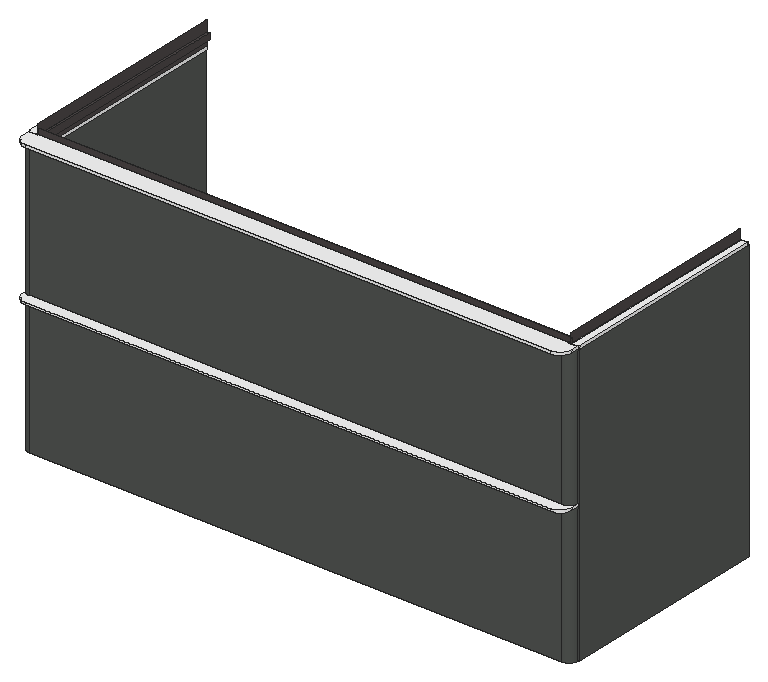
Revit family "vanity unit with 2 drawers", category Furniture, Revit 2019 (continued)
  Vanity unit 580_475 with 2 drawers for washbasin-54026000-Dark Walnut-CHROME-400 | "28.2" | no | no | no | no | no | no | no | no | no | no | no | no | no | no | no | no | no | no | no | no | no | no | no | no | no | no | no | no | no | no | no | no | no | no | no | no | no | no | no | no | no | no | no | no | no | no | no | no | no | no | no | no | yes | no | no | no | no | no | no | no | no | no | no | no | no | no | no | no | no | no | no | no | no | no | no | no | no | no | no | no | no | no | no | no | no | no | no | no | no | no | no | no | no | no | no | no | no | no | no | no | no | no | no | no | no | no | no | no | no | no | no | no | no | no | no | no | no | no | no | no | "CHROME" | "https://pro.hansgrohe.com/articledetail--54026000" | "54026XXX" | "Dark Walnut" | "Vanity unit 580/475 with 2 drawers for washbasin-54026000-Dark Walnut-CHROME-400" | "Xelu Q Vanity unit Dark Walnut 580/475 with 2 drawers for washbasin" | "Vanity unit 580/475 with 2 drawers for washbasin-54026000-Dark Walnut-CHROME-400" | "{$CADENAS_DATA/23d-libs/hansgrohe/xelu_furniture/vanity_unit_2_drawers_basin/vanity_unit_with_2_drawers_for_basin.prj},329 {VTYP=3D},{NB=Vanity unit 580/475 with 2 drawers for washbasin-54026000-Dark Walnut-CHROME-400},{LINA=Vanity unit 580/475 with 2 drawers for washbasin-54026000-Dark Walnut-CHROME-400},{NN=Vanity Unit with 2 Drawers},{DATE=10.03.2023 08:13:12},{GEOMDATE=08.03.2023 13:51:26},{VERSION=},{LINEID=240},{WBVAR=LODLEVEL},{WBNUMERIC=}  {NB=Vanity unit 580/475 with 2 drawers for washbasin-54026000-Dark Walnut-CHROME-400},{LINA=Vanity unit 580/475 with 2 drawers for washbasin-54026000-Dark Walnut-CHROME-400},{KT=DUMMY},{IDNR=24},{ARTNR=54026000},{BASENUMBER=Vanity unit 580/475 with 2 drawers for washbasin},{MODEL=54026XXX},{OBERFLAECHE=Dark Walnut},{SURFACE=CHROME},{L=580},{LODLEVEL=400},{LODLEVELX='400','400','200','200'},{NAME=Xelu Q Vanity unit Dark Walnut 580/475 with 2 drawers for washbasin},{PERMALINK=54026XXX},{OBJECTTYPE=Object (single object)},{BIMOBJECT=Sanitary: Compound units},{PRODUCTFAMILY=Xelu Q},{PRODUCTGROUP=vanity unit},{WEIGHT=28.2},{DESCRIPTION=Xelu Q Vanity unit Dark Walnut 580/475 with 2 drawers for washbasin},{SPECIFICATION=},{PRODUCTURL=https://pro.hansgrohe.com/articledetail--54026000},{GTINCODE=4059625455579},{TENDERURL=},{IFC=Furnishing element},{ETIM=EC011381 | Bathroom furniture set},{UNICLASS2015=Pr_40_30_78_05 | Bathroom furniture},{OMNICLASS=23-21 19 15 33 13 | Residential Bathroom Specialty Casework},{MASTERFORMAT=12 35 30.23 | Bathroom Casework},{UNSPSC=56 | Furniture and Furnishings},{UNIFORMATII=E2010 | Fixed Furnishings},{REGIONSET=Worldwide},{DESIGN=Germany},{MANUFACTURER=Germany}" | "400" | "Vanity unit 580/475 with 2 drawers for washbasin-54026000-Dark Walnut-CHROME-400" | 580 | "4059625455579" | "Vanity unit 580/475 with 2 drawers for washbasin" | "54026000"
  Vanity unit 580_475 with 2 drawers for washbasin-54026670-Dark Walnut-MATT_BLACK-200 | "28.2" | no | no | no | no | no | no | no | no | no | no | no | no | no | no | no | no | no | no | no | no | no | no | no | no | no | no | no | no | no | no | no | no | no | no | no | no | no | no | no | no | no | no | no | no | no | no | no | no | no | no | no | yes | no | no | no | no | no | no | no | no | no | no | no | no | no | no | no | no | no | no | no | no | no | no | no | no | no | no | no | no | no | no | no | no | no | no | no | no | no | no | no | no | no | no | no | no | no | no | no | no | no | no | no | no | no | no | no | no | no | no | no | no | no | no | no | no | no | no | no | no | "MATT_BLACK" | "https://pro.hansgrohe.com/articledetail--54026000" | "54026XXX" | "Dark Walnut" | "Vanity unit 580/475 with 2 drawers for washbasin-54026670-Dark Walnut-MATT_BLACK-200" | "Xelu Q Vanity unit Dark Walnut 580/475 with 2 drawers for washbasin" | "Vanity unit 580/475 with 2 drawers for washbasin-54026670-Dark Walnut-MATT_BLACK-200" | "{$CADENAS_DATA/23d-libs/hansgrohe/xelu_furniture/vanity_unit_2_drawers_basin/vanity_unit_with_2_drawers_for_basin.prj},337 {VTYP=3D},{NB=Vanity unit 580/475 with 2 drawers for washbasin-54026670-Dark Walnut-MATT_BLACK-200},{LINA=Vanity unit 580/475 with 2 drawers for washbasin-54026670-Dark Walnut-MATT_BLACK-200},{NN=Vanity Unit with 2 Drawers},{DATE=10.03.2023 08:13:12},{GEOMDATE=08.03.2023 13:51:26},{VERSION=},{LINEID=230},{WBVAR=LODLEVEL},{WBNUMERIC=}  {NB=Vanity unit 580/475 with 2 drawers for washbasin-54026670-Dark Walnut-MATT_BLACK-200},{LINA=Vanity unit 580/475 with 2 drawers for washbasin-54026670-Dark Walnut-MATT_BLACK-200},{KT=DUMMY},{IDNR=23},{ARTNR=54026670},{BASENUMBER=Vanity unit 580/475 with 2 drawers for washbasin},{MODEL=54026XXX},{OBERFLAECHE=Dark Walnut},{SURFACE=MATT_BLACK},{L=580},{LODLEVEL=200},{LODLEVELX='400','400','200','200'},{NAME=Xelu Q Vanity unit Dark Walnut 580/475 with 2 drawers for washbasin},{PERMALINK=54026XXX},{OBJECTTYPE=Object (single object)},{BIMOBJECT=Sanitary: Compound units},{PRODUCTFAMILY=Xelu Q},{PRODUCTGROUP=vanity unit},{WEIGHT=28.2},{DESCRIPTION=Xelu Q Vanity unit Dark Walnut 580/475 with 2 drawers for washbasin},{SPECIFICATION=},{PRODUCTURL=https://pro.hansgrohe.com/articledetail--54026000},{GTINCODE=4059625455579},{TENDERURL=},{IFC=Furnishing element},{ETIM=EC011381 | Bathroom furniture set},{UNICLASS2015=Pr_40_30_78_05 | Bathroom furniture},{OMNICLASS=23-21 19 15 33 13 | Residential Bathroom Specialty Casework},{MASTERFORMAT=12 35 30.23 | Bathroom Casework},{UNSPSC=56 | Furniture and Furnishings},{UNIFORMATII=E2010 | Fixed Furnishings},{REGIONSET=Worldwide},{DESIGN=Germany},{MANUFACTURER=Germany}" | "200" | "Vanity unit 580/475 with 2 drawers for washbasin-54026670-Dark Walnut-MATT_BLACK-200" | 580 | "4059625455579" | "Vanity unit 580/475 with 2 drawers for washbasin" | "54026670"
  Vanity unit 580_475 with 2 drawers for washbasin-54026670-Dark Walnut-MATT_BLACK-400 | "28.2" | no | no | no | no | no | no | no | no | no | no | no | no | no | no | no | no | no | no | no | no | no | no | no | no | no | no | no | no | no | no | no | no | no | no | no | no | no | no | no | no | no | no | no | no | no | no | no | no | no | no | yes | no | no | no | no | no | no | no | no | no | no | no | no | no | no | no | no | no | no | no | no | no | no | no | no | no | no | no | no | no | no | no | no | no | no | no | no | no | no | no | no | no | no | no | no | no | no | no | no | no | no | no | no | no | no | no | no | no | no | no | no | no | no | no | no | no | no | no | no | no | "MATT_BLACK" | "https://pro.hansgrohe.com/articledetail--54026000" | "54026XXX" | "Dark Walnut" | "Vanity unit 580/475 with 2 drawers for washbasin-54026670-Dark Walnut-MATT_BLACK-400" | "Xelu Q Vanity unit Dark Walnut 580/475 with 2 drawers for washbasin" | "Vanity unit 580/475 with 2 drawers for washbasin-54026670-Dark Walnut-MATT_BLACK-400" | "{$CADENAS_DATA/23d-libs/hansgrohe/xelu_furniture/vanity_unit_2_drawers_basin/vanity_unit_with_2_drawers_for_basin.prj},337 {VTYP=3D},{NB=Vanity unit 580/475 with 2 drawers for washbasin-54026670-Dark Walnut-MATT_BLACK-400},{LINA=Vanity unit 580/475 with 2 drawers for washbasin-54026670-Dark Walnut-MATT_BLACK-400},{NN=Vanity Unit with 2 Drawers},{DATE=10.03.2023 08:13:12},{GEOMDATE=08.03.2023 13:51:26},{VERSION=},{LINEID=230},{WBVAR=LODLEVEL},{WBNUMERIC=}  {NB=Vanity unit 580/475 with 2 drawers for washbasin-54026670-Dark Walnut-MATT_BLACK-400},{LINA=Vanity unit 580/475 with 2 drawers for washbasin-54026670-Dark Walnut-MATT_BLACK-400},{KT=DUMMY},{IDNR=23},{ARTNR=54026670},{BASENUMBER=Vanity unit 580/475 with 2 drawers for washbasin},{MODEL=54026XXX},{OBERFLAECHE=Dark Walnut},{SURFACE=MATT_BLACK},{L=580},{LODLEVEL=400},{LODLEVELX='400','400','200','200'},{NAME=Xelu Q Vanity unit Dark Walnut 580/475 with 2 drawers for washbasin},{PERMALINK=54026XXX},{OBJECTTYPE=Object (single object)},{BIMOBJECT=Sanitary: Compound units},{PRODUCTFAMILY=Xelu Q},{PRODUCTGROUP=vanity unit},{WEIGHT=28.2},{DESCRIPTION=Xelu Q Vanity unit Dark Walnut 580/475 with 2 drawers for washbasin},{SPECIFICATION=},{PRODUCTURL=https://pro.hansgrohe.com/articledetail--54026000},{GTINCODE=4059625455579},{TENDERURL=},{IFC=Furnishing element},{ETIM=EC011381 | Bathroom furniture set},{UNICLASS2015=Pr_40_30_78_05 | Bathroom furniture},{OMNICLASS=23-21 19 15 33 13 | Residential Bathroom Specialty Casework},{MASTERFORMAT=12 35 30.23 | Bathroom Casework},{UNSPSC=56 | Furniture and Furnishings},{UNIFORMATII=E2010 | Fixed Furnishings},{REGIONSET=Worldwide},{DESIGN=Germany},{MANUFACTURER=Germany}" | "400" | "Vanity unit 580/475 with 2 drawers for washbasin-54026670-Dark Walnut-MATT_BLACK-400" | 580 | "4059625455579" | "Vanity unit 580/475 with 2 drawers for washbasin" | "54026670"
  Vanity unit 580_475 with 2 drawers for washbasin-54026700-Dark Walnut-MATT_WHITE-200 | "28.2" | no | no | no | no | no | no | no | no | no | no | no | no | no | no | no | no | no | no | no | no | no | no | no | no | no | no | no | no | no | no | no | no | no | no | no | no | no | no | no | no | no | no | no | no | no | no | no | no | no | yes | no | no | no | no | no | no | no | no | no | no | no | no | no | no | no | no | no | no | no | no | no | no | no | no | no | no | no | no | no | no | no | no | no | no | no | no | no | no | no | no | no | no | no | no | no | no | no | no | no | no | no | no | no | no | no | no | no | no | no | no | no | no | no | no | no | no | no | no | no | no | "MATT_WHITE" | "https://pro.hansgrohe.com/articledetail--54026000" | "54026XXX" | "Dark Walnut" | "Vanity unit 580/475 with 2 drawers for washbasin-54026700-Dark Walnut-MATT_WHITE-200" | "Xelu Q Vanity unit Dark Walnut 580/475 with 2 drawers for washbasin" | "Vanity unit 580/475 with 2 drawers for washbasin-54026700-Dark Walnut-MATT_WHITE-200" | "{$CADENAS_DATA/23d-libs/hansgrohe/xelu_furniture/vanity_unit_2_drawers_basin/vanity_unit_with_2_drawers_for_basin.prj},337 {VTYP=3D},{NB=Vanity unit 580/475 with 2 drawers for washbasin-54026700-Dark Walnut-MATT_WHITE-200},{LINA=Vanity unit 580/475 with 2 drawers for washbasin-54026700-Dark Walnut-MATT_WHITE-200},{NN=Vanity Unit with 2 Drawers},{DATE=10.03.2023 08:13:12},{GEOMDATE=08.03.2023 13:51:26},{VERSION=},{LINEID=220},{WBVAR=LODLEVEL},{WBNUMERIC=}  {NB=Vanity unit 580/475 with 2 drawers for washbasin-54026700-Dark Walnut-MATT_WHITE-200},{LINA=Vanity unit 580/475 with 2 drawers for washbasin-54026700-Dark Walnut-MATT_WHITE-200},{KT=DUMMY},{IDNR=22},{ARTNR=54026700},{BASENUMBER=Vanity unit 580/475 with 2 drawers for washbasin},{MODEL=54026XXX},{OBERFLAECHE=Dark Walnut},{SURFACE=MATT_WHITE},{L=580},{LODLEVEL=200},{LODLEVELX='400','400','200','200'},{NAME=Xelu Q Vanity unit Dark Walnut 580/475 with 2 drawers for washbasin},{PERMALINK=54026XXX},{OBJECTTYPE=Object (single object)},{BIMOBJECT=Sanitary: Compound units},{PRODUCTFAMILY=Xelu Q},{PRODUCTGROUP=vanity unit},{WEIGHT=28.2},{DESCRIPTION=Xelu Q Vanity unit Dark Walnut 580/475 with 2 drawers for washbasin},{SPECIFICATION=},{PRODUCTURL=https://pro.hansgrohe.com/articledetail--54026000},{GTINCODE=4059625455579},{TENDERURL=},{IFC=Furnishing element},{ETIM=EC011381 | Bathroom furniture set},{UNICLASS2015=Pr_40_30_78_05 | Bathroom furniture},{OMNICLASS=23-21 19 15 33 13 | Residential Bathroom Specialty Casework},{MASTERFORMAT=12 35 30.23 | Bathroom Casework},{UNSPSC=56 | Furniture and Furnishings},{UNIFORMATII=E2010 | Fixed Furnishings},{REGIONSET=Worldwide},{DESIGN=Germany},{MANUFACTURER=Germany}" | "200" | "Vanity unit 580/475 with 2 drawers for washbasin-54026700-Dark Walnut-MATT_WHITE-200" | 580 | "4059625455579" | "Vanity unit 580/475 with 2 drawers for washbasin" | "54026700"
  Vanity unit 580_475 with 2 drawers for washbasin-54026700-Dark Walnut-MATT_WHITE-400 | "28.2" | no | no | no | no | no | no | no | no | no | no | no | no | no | no | no | no | no | no | no | no | no | no | no | no | no | no | no | no | no | no | no | no | no | no | no | no | no | no | no | no | no | no | no | no | no | no | no | no | yes | no | no | no | no | no | no | no | no | no | no | no | no | no | no | no | no | no | no | no | no | no | no | no | no | no | no | no | no | no | no | no | no | no | no | no | no | no | no | no | no | no | no | no | no | no | no | no | no | no | no | no | no | no | no | no | no | no | no | no | no | no | no | no | no | no | no | no | no | no | no | no | "MATT_WHITE" | "https://pro.hansgrohe.com/articledetail--54026000" | "54026XXX" | "Dark Walnut" | "Vanity unit 580/475 with 2 drawers for washbasin-54026700-Dark Walnut-MATT_WHITE-400" | "Xelu Q Vanity unit Dark Walnut 580/475 with 2 drawers for washbasin" | "Vanity unit 580/475 with 2 drawers for washbasin-54026700-Dark Walnut-MATT_WHITE-400" | "{$CADENAS_DATA/23d-libs/hansgrohe/xelu_furniture/vanity_unit_2_drawers_basin/vanity_unit_with_2_drawers_for_basin.prj},337 {VTYP=3D},{NB=Vanity unit 580/475 with 2 drawers for washbasin-54026700-Dark Walnut-MATT_WHITE-400},{LINA=Vanity unit 580/475 with 2 drawers for washbasin-54026700-Dark Walnut-MATT_WHITE-400},{NN=Vanity Unit with 2 Drawers},{DATE=10.03.2023 08:13:12},{GEOMDATE=08.03.2023 13:51:26},{VERSION=},{LINEID=220},{WBVAR=LODLEVEL},{WBNUMERIC=}  {NB=Vanity unit 580/475 with 2 drawers for washbasin-54026700-Dark Walnut-MATT_WHITE-400},{LINA=Vanity unit 580/475 with 2 drawers for washbasin-54026700-Dark Walnut-MATT_WHITE-400},{KT=DUMMY},{IDNR=22},{ARTNR=54026700},{BASENUMBER=Vanity unit 580/475 with 2 drawers for washbasin},{MODEL=54026XXX},{OBERFLAECHE=Dark Walnut},{SURFACE=MATT_WHITE},{L=580},{LODLEVEL=400},{LODLEVELX='400','400','200','200'},{NAME=Xelu Q Vanity unit Dark Walnut 580/475 with 2 drawers for washbasin},{PERMALINK=54026XXX},{OBJECTTYPE=Object (single object)},{BIMOBJECT=Sanitary: Compound units},{PRODUCTFAMILY=Xelu Q},{PRODUCTGROUP=vanity unit},{WEIGHT=28.2},{DESCRIPTION=Xelu Q Vanity unit Dark Walnut 580/475 with 2 drawers for washbasin},{SPECIFICATION=},{PRODUCTURL=https://pro.hansgrohe.com/articledetail--54026000},{GTINCODE=4059625455579},{TENDERURL=},{IFC=Furnishing element},{ETIM=EC011381 | Bathroom furniture set},{UNICLASS2015=Pr_40_30_78_05 | Bathroom furniture},{OMNICLASS=23-21 19 15 33 13 | Residential Bathroom Specialty Casework},{MASTERFORMAT=12 35 30.23 | Bathroom Casework},{UNSPSC=56 | Furniture and Furnishings},{UNIFORMATII=E2010 | Fixed Furnishings},{REGIONSET=Worldwide},{DESIGN=Germany},{MANUFACTURER=Germany}" | "400" | "Vanity unit 580/475 with 2 drawers for washbasin-54026700-Dark Walnut-MATT_WHITE-400" | 580 | "4059625455579" | "Vanity unit 580/475 with 2 drawers for washbasin" | "54026700"
  Vanity unit 780_475 with 2 drawers for washbasin-54027000-High Gloss White-CHROME-200 | "33.3" | no | no | no | no | no | no | no | no | no | no | no | no | no | no | no | no | no | no | no | no | no | no | no | no | no | no | no | no | no | no | no | no | no | no | no | no | no | no | no | no | no | no | no | no | no | no | no | yes | no | no | no | no | no | no | no | no | no | no | no | no | no | no | no | no | no | no | no | no | no | no | no | no | no | no | no | no | no | no | no | no | no | no | no | no | no | no | no | no | no | no | no | no | no | no | no | no | no | no | no | no | no | no | no | no | no | no | no | no | no | no | no | no | no | no | no | no | no | no | no | no | "CHROME" | "https://pro.hansgrohe.com/articledetail--54027000" | "54027XXX" | "High Gloss White" | "Vanity unit 780/475 with 2 drawers for washbasin-54027000-High Gloss White-CHROME-200" | "Xelu Q Vanity unit High Gloss White 780/475 with 2 drawers for washbasin" | "Vanity unit 780/475 with 2 drawers for washbasin-54027000-High Gloss White-CHROME-200" | "{$CADENAS_DATA/23d-libs/hansgrohe/xelu_furniture/vanity_unit_2_drawers_basin/vanity_unit_with_2_drawers_for_basin.prj},339 {VTYP=3D},{NB=Vanity unit 780/475 with 2 drawers for washbasin-54027000-High Gloss White-CHROME-200},{LINA=Vanity unit 780/475 with 2 drawers for washbasin-54027000-High Gloss White-CHROME-200},{NN=Vanity Unit with 2 Drawers},{DATE=10.03.2023 08:13:12},{GEOMDATE=08.03.2023 13:51:26},{VERSION=},{LINEID=250},{WBVAR=LODLEVEL},{WBNUMERIC=}  {NB=Vanity unit 780/475 with 2 drawers for washbasin-54027000-High Gloss White-CHROME-200},{LINA=Vanity unit 780/475 with 2 drawers for washbasin-54027000-High Gloss White-CHROME-200},{KT=DUMMY},{IDNR=25},{ARTNR=54027000},{BASENUMBER=Vanity unit 780/475 with 2 drawers for washbasin},{MODEL=54027XXX},{OBERFLAECHE=High Gloss White},{SURFACE=CHROME},{L=780},{LODLEVEL=200},{LODLEVELX='400','400','200','200'},{NAME=Xelu Q Vanity unit High Gloss White 780/475 with 2 drawers for washbasin},{PERMALINK=54027XXX},{OBJECTTYPE=Object (single object)},{BIMOBJECT=Sanitary: Compound units},{PRODUCTFAMILY=Xelu Q},{PRODUCTGROUP=vanity unit},{WEIGHT=33.3},{DESCRIPTION=Xelu Q Vanity unit High Gloss White 780/475 with 2 drawers for washbasin},{SPECIFICATION=},{PRODUCTURL=https://pro.hansgrohe.com/articledetail--54027000},{GTINCODE=4059625455548},{TENDERURL=},{IFC=Furnishing element},{ETIM=EC011381 | Bathroom furniture set},{UNICLASS2015=Pr_40_30_78_05 | Bathroom furniture},{OMNICLASS=23-21 19 15 33 13 | Residential Bathroom Specialty Casework},{MASTERFORMAT=12 35 30.23 | Bathroom Casework},{UNSPSC=56 | Furniture and Furnishings},{UNIFORMATII=E2010 | Fixed Furnishings},{REGIONSET=Worldwide},{DESIGN=Germany},{MANUFACTURER=Germany}" | "200" | "Vanity unit 780/475 with 2 drawers for washbasin-54027000-High Gloss White-CHROME-200" | 780 | "4059625455548" | "Vanity unit 780/475 with 2 drawers for washbasin" | "54027000"
  Vanity unit 780_475 with 2 drawers for washbasin-54027000-High Gloss White-CHROME-400 | "33.3" | no | no | no | no | no | no | no | no | no | no | no | no | no | no | no | no | no | no | no | no | no | no | no | no | no | no | no | no | no | no | no | no | no | no | no | no | no | no | no | no | no | no | no | no | no | no | yes | no | no | no | no | no | no | no | no | no | no | no | no | no | no | no | no | no | no | no | no | no | no | no | no | no | no | no | no | no | no | no | no | no | no | no | no | no | no | no | no | no | no | no | no | no | no | no | no | no | no | no | no | no | no | no | no | no | no | no | no | no | no | no | no | no | no | no | no | no | no | no | no | no | "CHROME" | "https://pro.hansgrohe.com/articledetail--54027000" | "54027XXX" | "High Gloss White" | "Vanity unit 780/475 with 2 drawers for washbasin-54027000-High Gloss White-CHROME-400" | "Xelu Q Vanity unit High Gloss White 780/475 with 2 drawers for washbasin" | "Vanity unit 780/475 with 2 drawers for washbasin-54027000-High Gloss White-CHROME-400" | "{$CADENAS_DATA/23d-libs/hansgrohe/xelu_furniture/vanity_unit_2_drawers_basin/vanity_unit_with_2_drawers_for_basin.prj},339 {VTYP=3D},{NB=Vanity unit 780/475 with 2 drawers for washbasin-54027000-High Gloss White-CHROME-400},{LINA=Vanity unit 780/475 with 2 drawers for washbasin-54027000-High Gloss White-CHROME-400},{NN=Vanity Unit with 2 Drawers},{DATE=10.03.2023 08:13:12},{GEOMDATE=08.03.2023 13:51:26},{VERSION=},{LINEID=250},{WBVAR=LODLEVEL},{WBNUMERIC=}  {NB=Vanity unit 780/475 with 2 drawers for washbasin-54027000-High Gloss White-CHROME-400},{LINA=Vanity unit 780/475 with 2 drawers for washbasin-54027000-High Gloss White-CHROME-400},{KT=DUMMY},{IDNR=25},{ARTNR=54027000},{BASENUMBER=Vanity unit 780/475 with 2 drawers for washbasin},{MODEL=54027XXX},{OBERFLAECHE=High Gloss White},{SURFACE=CHROME},{L=780},{LODLEVEL=400},{LODLEVELX='400','400','200','200'},{NAME=Xelu Q Vanity unit High Gloss White 780/475 with 2 drawers for washbasin},{PERMALINK=54027XXX},{OBJECTTYPE=Object (single object)},{BIMOBJECT=Sanitary: Compound units},{PRODUCTFAMILY=Xelu Q},{PRODUCTGROUP=vanity unit},{WEIGHT=33.3},{DESCRIPTION=Xelu Q Vanity unit High Gloss White 780/475 with 2 drawers for washbasin},{SPECIFICATION=},{PRODUCTURL=https://pro.hansgrohe.com/articledetail--54027000},{GTINCODE=4059625455548},{TENDERURL=},{IFC=Furnishing element},{ETIM=EC011381 | Bathroom furniture set},{UNICLASS2015=Pr_40_30_78_05 | Bathroom furniture},{OMNICLASS=23-21 19 15 33 13 | Residential Bathroom Specialty Casework},{MASTERFORMAT=12 35 30.23 | Bathroom Casework},{UNSPSC=56 | Furniture and Furnishings},{UNIFORMATII=E2010 | Fixed Furnishings},{REGIONSET=Worldwide},{DESIGN=Germany},{MANUFACTURER=Germany}" | "400" | "Vanity unit 780/475 with 2 drawers for washbasin-54027000-High Gloss White-CHROME-400" | 780 | "4059625455548" | "Vanity unit 780/475 with 2 drawers for washbasin" | "54027000"
  Vanity unit 780_475 with 2 drawers for washbasin-54027670-High Gloss White-MATT_BLACK-200 | "33.3" | no | no | no | no | no | no | no | no | no | no | no | no | no | no | no | no | no | no | no | no | no | no | no | no | no | no | no | no | no | no | no | no | no | no | no | no | no | no | no | no | no | no | no | no | no | yes | no | no | no | no | no | no | no | no | no | no | no | no | no | no | no | no | no | no | no | no | no | no | no | no | no | no | no | no | no | no | no | no | no | no | no | no | no | no | no | no | no | no | no | no | no | no | no | no | no | no | no | no | no | no | no | no | no | no | no | no | no | no | no | no | no | no | no | no | no | no | no | no | no | no | "MATT_BLACK" | "https://pro.hansgrohe.com/articledetail--54027000" | "54027XXX" | "High Gloss White" | "Vanity unit 780/475 with 2 drawers for washbasin-54027670-High Gloss White-MATT_BLACK-200" | "Xelu Q Vanity unit High Gloss White 780/475 with 2 drawers for washbasin" | "Vanity unit 780/475 with 2 drawers for washbasin-54027670-High Gloss White-MATT_BLACK-200" | "{$CADENAS_DATA/23d-libs/hansgrohe/xelu_furniture/vanity_unit_2_drawers_basin/vanity_unit_with_2_drawers_for_basin.prj},347 {VTYP=3D},{NB=Vanity unit 780/475 with 2 drawers for washbasin-54027670-High Gloss White-MATT_BLACK-200},{LINA=Vanity unit 780/475 with 2 drawers for washbasin-54027670-High Gloss White-MATT_BLACK-200},{NN=Vanity Unit with 2 Drawers},{DATE=10.03.2023 08:13:12},{GEOMDATE=08.03.2023 13:51:26},{VERSION=},{LINEID=270},{WBVAR=LODLEVEL},{WBNUMERIC=}  {NB=Vanity unit 780/475 with 2 drawers for washbasin-54027670-High Gloss White-MATT_BLACK-200},{LINA=Vanity unit 780/475 with 2 drawers for washbasin-54027670-High Gloss White-MATT_BLACK-200},{KT=DUMMY},{IDNR=27},{ARTNR=54027670},{BASENUMBER=Vanity unit 780/475 with 2 drawers for washbasin},{MODEL=54027XXX},{OBERFLAECHE=High Gloss White},{SURFACE=MATT_BLACK},{L=780},{LODLEVEL=200},{LODLEVELX='400','400','200','200'},{NAME=Xelu Q Vanity unit High Gloss White 780/475 with 2 drawers for washbasin},{PERMALINK=54027XXX},{OBJECTTYPE=Object (single object)},{BIMOBJECT=Sanitary: Compound units},{PRODUCTFAMILY=Xelu Q},{PRODUCTGROUP=vanity unit},{WEIGHT=33.3},{DESCRIPTION=Xelu Q Vanity unit High Gloss White 780/475 with 2 drawers for washbasin},{SPECIFICATION=},{PRODUCTURL=https://pro.hansgrohe.com/articledetail--54027000},{GTINCODE=4059625455548},{TENDERURL=},{IFC=Furnishing element},{ETIM=EC011381 | Bathroom furniture set},{UNICLASS2015=Pr_40_30_78_05 | Bathroom furniture},{OMNICLASS=23-21 19 15 33 13 | Residential Bathroom Specialty Casework},{MASTERFORMAT=12 35 30.23 | Bathroom Casework},{UNSPSC=56 | Furniture and Furnishings},{UNIFORMATII=E2010 | Fixed Furnishings},{REGIONSET=Worldwide},{DESIGN=Germany},{MANUFACTURER=Germany}" | "200" | "Vanity unit 780/475 with 2 drawers for washbasin-54027670-High Gloss White-MATT_BLACK-200" | 780 | "4059625455548" | "Vanity unit 780/475 with 2 drawers for washbasin" | "54027670"
  Vanity unit 780_475 with 2 drawers for washbasin-54027670-High Gloss White-MATT_BLACK-400 | "33.3" | no | no | no | no | no | no | no | no | no | no | no | no | no | no | no | no | no | no | no | no | no | no | no | no | no | no | no | no | no | no | no | no | no | no | no | no | no | no | no | no | no | no | no | no | yes | no | no | no | no | no | no | no | no | no | no | no | no | no | no | no | no | no | no | no | no | no | no | no | no | no | no | no | no | no | no | no | no | no | no | no | no | no | no | no | no | no | no | no | no | no | no | no | no | no | no | no | no | no | no | no | no | no | no | no | no | no | no | no | no | no | no | no | no | no | no | no | no | no | no | no | "MATT_BLACK" | "https://pro.hansgrohe.com/articledetail--54027000" | "54027XXX" | "High Gloss White" | "Vanity unit 780/475 with 2 drawers for washbasin-54027670-High Gloss White-MATT_BLACK-400" | "Xelu Q Vanity unit High Gloss White 780/475 with 2 drawers for washbasin" | "Vanity unit 780/475 with 2 drawers for washbasin-54027670-High Gloss White-MATT_BLACK-400" | "{$CADENAS_DATA/23d-libs/hansgrohe/xelu_furniture/vanity_unit_2_drawers_basin/vanity_unit_with_2_drawers_for_basin.prj},347 {VTYP=3D},{NB=Vanity unit 780/475 with 2 drawers for washbasin-54027670-High Gloss White-MATT_BLACK-400},{LINA=Vanity unit 780/475 with 2 drawers for washbasin-54027670-High Gloss White-MATT_BLACK-400},{NN=Vanity Unit with 2 Drawers},{DATE=10.03.2023 08:13:12},{GEOMDATE=08.03.2023 13:51:26},{VERSION=},{LINEID=270},{WBVAR=LODLEVEL},{WBNUMERIC=}  {NB=Vanity unit 780/475 with 2 drawers for washbasin-54027670-High Gloss White-MATT_BLACK-400},{LINA=Vanity unit 780/475 with 2 drawers for washbasin-54027670-High Gloss White-MATT_BLACK-400},{KT=DUMMY},{IDNR=27},{ARTNR=54027670},{BASENUMBER=Vanity unit 780/475 with 2 drawers for washbasin},{MODEL=54027XXX},{OBERFLAECHE=High Gloss White},{SURFACE=MATT_BLACK},{L=780},{LODLEVEL=400},{LODLEVELX='400','400','200','200'},{NAME=Xelu Q Vanity unit High Gloss White 780/475 with 2 drawers for washbasin},{PERMALINK=54027XXX},{OBJECTTYPE=Object (single object)},{BIMOBJECT=Sanitary: Compound units},{PRODUCTFAMILY=Xelu Q},{PRODUCTGROUP=vanity unit},{WEIGHT=33.3},{DESCRIPTION=Xelu Q Vanity unit High Gloss White 780/475 with 2 drawers for washbasin},{SPECIFICATION=},{PRODUCTURL=https://pro.hansgrohe.com/articledetail--54027000},{GTINCODE=4059625455548},{TENDERURL=},{IFC=Furnishing element},{ETIM=EC011381 | Bathroom furniture set},{UNICLASS2015=Pr_40_30_78_05 | Bathroom furniture},{OMNICLASS=23-21 19 15 33 13 | Residential Bathroom Specialty Casework},{MASTERFORMAT=12 35 30.23 | Bathroom Casework},{UNSPSC=56 | Furniture and Furnishings},{UNIFORMATII=E2010 | Fixed Furnishings},{REGIONSET=Worldwide},{DESIGN=Germany},{MANUFACTURER=Germany}" | "400" | "Vanity unit 780/475 with 2 drawers for washbasin-54027670-High Gloss White-MATT_BLACK-400" | 780 | "4059625455548" | "Vanity unit 780/475 with 2 drawers for washbasin" | "54027670"
  Vanity unit 780_475 with 2 drawers for washbasin-54027700-High Gloss White-MATT_WHITE-200 | "33.3" | no | no | no | no | no | no | no | no | no | no | no | no | no | no | no | no | no | no | no | no | no | no | no | no | no | no | no | no | no | no | no | no | no | no | no | no | no | no | no | no | no | no | no | yes | no | no | no | no | no | no | no | no | no | no | no | no | no | no | no | no | no | no | no | no | no | no | no | no | no | no | no | no | no | no | no | no | no | no | no | no | no | no | no | no | no | no | no | no | no | no | no | no | no | no | no | no | no | no | no | no | no | no | no | no | no | no | no | no | no | no | no | no | no | no | no | no | no | no | no | no | "MATT_WHITE" | "https://pro.hansgrohe.com/articledetail--54027000" | "54027XXX" | "High Gloss White" | "Vanity unit 780/475 with 2 drawers for washbasin-54027700-High Gloss White-MATT_WHITE-200" | "Xelu Q Vanity unit High Gloss White 780/475 with 2 drawers for washbasin" | "Vanity unit 780/475 with 2 drawers for washbasin-54027700-High Gloss White-MATT_WHITE-200" | "{$CADENAS_DATA/23d-libs/hansgrohe/xelu_furniture/vanity_unit_2_drawers_basin/vanity_unit_with_2_drawers_for_basin.prj},347 {VTYP=3D},{NB=Vanity unit 780/475 with 2 drawers for washbasin-54027700-High Gloss White-MATT_WHITE-200},{LINA=Vanity unit 780/475 with 2 drawers for washbasin-54027700-High Gloss White-MATT_WHITE-200},{NN=Vanity Unit with 2 Drawers},{DATE=10.03.2023 08:13:12},{GEOMDATE=08.03.2023 13:51:26},{VERSION=},{LINEID=260},{WBVAR=LODLEVEL},{WBNUMERIC=}  {NB=Vanity unit 780/475 with 2 drawers for washbasin-54027700-High Gloss White-MATT_WHITE-200},{LINA=Vanity unit 780/475 with 2 drawers for washbasin-54027700-High Gloss White-MATT_WHITE-200},{KT=DUMMY},{IDNR=26},{ARTNR=54027700},{BASENUMBER=Vanity unit 780/475 with 2 drawers for washbasin},{MODEL=54027XXX},{OBERFLAECHE=High Gloss White},{SURFACE=MATT_WHITE},{L=780},{LODLEVEL=200},{LODLEVELX='400','400','200','200'},{NAME=Xelu Q Vanity unit High Gloss White 780/475 with 2 drawers for washbasin},{PERMALINK=54027XXX},{OBJECTTYPE=Object (single object)},{BIMOBJECT=Sanitary: Compound units},{PRODUCTFAMILY=Xelu Q},{PRODUCTGROUP=vanity unit},{WEIGHT=33.3},{DESCRIPTION=Xelu Q Vanity unit High Gloss White 780/475 with 2 drawers for washbasin},{SPECIFICATION=},{PRODUCTURL=https://pro.hansgrohe.com/articledetail--54027000},{GTINCODE=4059625455548},{TENDERURL=},{IFC=Furnishing element},{ETIM=EC011381 | Bathroom furniture set},{UNICLASS2015=Pr_40_30_78_05 | Bathroom furniture},{OMNICLASS=23-21 19 15 33 13 | Residential Bathroom Specialty Casework},{MASTERFORMAT=12 35 30.23 | Bathroom Casework},{UNSPSC=56 | Furniture and Furnishings},{UNIFORMATII=E2010 | Fixed Furnishings},{REGIONSET=Worldwide},{DESIGN=Germany},{MANUFACTURER=Germany}" | "200" | "Vanity unit 780/475 with 2 drawers for washbasin-54027700-High Gloss White-MATT_WHITE-200" | 780 | "4059625455548" | "Vanity unit 780/475 with 2 drawers for washbasin" | "54027700"
  Vanity unit 780_475 with 2 drawers for washbasin-54027700-High Gloss White-MATT_WHITE-400 | "33.3" | no | no | no | no | no | no | no | no | no | no | no | no | no | no | no | no | no | no | no | no | no | no | no | no | no | no | no | no | no | no | no | no | no | no | no | no | no | no | no | no | no | no | yes | no | no | no | no | no | no | no | no | no | no | no | no | no | no | no | no | no | no | no | no | no | no | no | no | no | no | no | no | no | no | no | no | no | no | no | no | no | no | no | no | no | no | no | no | no | no | no | no | no | no | no | no | no | no | no | no | no | no | no | no | no | no | no | no | no | no | no | no | no | no | no | no | no | no | no | no | no | "MATT_WHITE" | "https://pro.hansgrohe.com/articledetail--54027000" | "54027XXX" | "High Gloss White" | "Vanity unit 780/475 with 2 drawers for washbasin-54027700-High Gloss White-MATT_WHITE-400" | "Xelu Q Vanity unit High Gloss White 780/475 with 2 drawers for washbasin" | "Vanity unit 780/475 with 2 drawers for washbasin-54027700-High Gloss White-MATT_WHITE-400" | "{$CADENAS_DATA/23d-libs/hansgrohe/xelu_furniture/vanity_unit_2_drawers_basin/vanity_unit_with_2_drawers_for_basin.prj},347 {VTYP=3D},{NB=Vanity unit 780/475 with 2 drawers for washbasin-54027700-High Gloss White-MATT_WHITE-400},{LINA=Vanity unit 780/475 with 2 drawers for washbasin-54027700-High Gloss White-MATT_WHITE-400},{NN=Vanity Unit with 2 Drawers},{DATE=10.03.2023 08:13:12},{GEOMDATE=08.03.2023 13:51:26},{VERSION=},{LINEID=260},{WBVAR=LODLEVEL},{WBNUMERIC=}  {NB=Vanity unit 780/475 with 2 drawers for washbasin-54027700-High Gloss White-MATT_WHITE-400},{LINA=Vanity unit 780/475 with 2 drawers for washbasin-54027700-High Gloss White-MATT_WHITE-400},{KT=DUMMY},{IDNR=26},{ARTNR=54027700},{BASENUMBER=Vanity unit 780/475 with 2 drawers for washbasin},{MODEL=54027XXX},{OBERFLAECHE=High Gloss White},{SURFACE=MATT_WHITE},{L=780},{LODLEVEL=400},{LODLEVELX='400','400','200','200'},{NAME=Xelu Q Vanity unit High Gloss White 780/475 with 2 drawers for washbasin},{PERMALINK=54027XXX},{OBJECTTYPE=Object (single object)},{BIMOBJECT=Sanitary: Compound units},{PRODUCTFAMILY=Xelu Q},{PRODUCTGROUP=vanity unit},{WEIGHT=33.3},{DESCRIPTION=Xelu Q Vanity unit High Gloss White 780/475 with 2 drawers for washbasin},{SPECIFICATION=},{PRODUCTURL=https://pro.hansgrohe.com/articledetail--54027000},{GTINCODE=4059625455548},{TENDERURL=},{IFC=Furnishing element},{ETIM=EC011381 | Bathroom furniture set},{UNICLASS2015=Pr_40_30_78_05 | Bathroom furniture},{OMNICLASS=23-21 19 15 33 13 | Residential Bathroom Specialty Casework},{MASTERFORMAT=12 35 30.23 | Bathroom Casework},{UNSPSC=56 | Furniture and Furnishings},{UNIFORMATII=E2010 | Fixed Furnishings},{REGIONSET=Worldwide},{DESIGN=Germany},{MANUFACTURER=Germany}" | "400" | "Vanity unit 780/475 with 2 drawers for washbasin-54027700-High Gloss White-MATT_WHITE-400" | 780 | "4059625455548" | "Vanity unit 780/475 with 2 drawers for washbasin" | "54027700"
  Vanity unit 780_475 with 2 drawers for washbasin-54028000-Diamond Matt Grey-CHROME-200 | "33.3" | no | no | no | no | no | no | no | no | no | no | no | no | no | no | no | no | no | no | no | no | no | no | no | no | no | no | no | no | no | no | no | no | no | no | no | no | no | no | no | no | no | yes | no | no | no | no | no | no | no | no | no | no | no | no | no | no | no | no | no | no | no | no | no | no | no | no | no | no | no | no | no | no | no | no | no | no | no | no | no | no | no | no | no | no | no | no | no | no | no | no | no | no | no | no | no | no | no | no | no | no | no | no | no | no | no | no | no | no | no | no | no | no | no | no | no | no | no | no | no | no | "CHROME" | "https://pro.hansgrohe.com/articledetail--54028000" | "54028XXX" | "Diamond Matt Grey" | "Vanity unit 780/475 with 2 drawers for washbasin-54028000-Diamond Matt Grey-CHROME-200" | "Xelu Q Vanity unit Diamond Matt Grey 780/475 with 2 drawers for washbasin" | "Vanity unit 780/475 with 2 drawers for washbasin-54028000-Diamond Matt Grey-CHROME-200" | "{$CADENAS_DATA/23d-libs/hansgrohe/xelu_furniture/vanity_unit_2_drawers_basin/vanity_unit_with_2_drawers_for_basin.prj},341 {VTYP=3D},{NB=Vanity unit 780/475 with 2 drawers for washbasin-54028000-Diamond Matt Grey-CHROME-200},{LINA=Vanity unit 780/475 with 2 drawers for washbasin-54028000-Diamond Matt Grey-CHROME-200},{NN=Vanity Unit with 2 Drawers},{DATE=10.03.2023 08:13:12},{GEOMDATE=08.03.2023 13:51:26},{VERSION=},{LINEID=290},{WBVAR=LODLEVEL},{WBNUMERIC=}  {NB=Vanity unit 780/475 with 2 drawers for washbasin-54028000-Diamond Matt Grey-CHROME-200},{LINA=Vanity unit 780/475 with 2 drawers for washbasin-54028000-Diamond Matt Grey-CHROME-200},{KT=DUMMY},{IDNR=29},{ARTNR=54028000},{BASENUMBER=Vanity unit 780/475 with 2 drawers for washbasin},{MODEL=54028XXX},{OBERFLAECHE=Diamond Matt Grey},{SURFACE=CHROME},{L=780},{LODLEVEL=200},{LODLEVELX='400','400','200','200'},{NAME=Xelu Q Vanity unit Diamond Matt Grey 780/475 with 2 drawers for washbasin},{PERMALINK=54028XXX},{OBJECTTYPE=Object (single object)},{BIMOBJECT=Sanitary: Compound units},{PRODUCTFAMILY=Xelu Q},{PRODUCTGROUP=vanity unit},{WEIGHT=33.3},{DESCRIPTION=Xelu Q Vanity unit Diamond Matt Grey 780/475 with 2 drawers for washbasin},{SPECIFICATION=},{PRODUCTURL=https://pro.hansgrohe.com/articledetail--54028000},{GTINCODE=4059625455517},{TENDERURL=},{IFC=Furnishing element},{ETIM=EC011381 | Bathroom furniture set},{UNICLASS2015=Pr_40_30_78_05 | Bathroom furniture},{OMNICLASS=23-21 19 15 33 13 | Residential Bathroom Specialty Casework},{MASTERFORMAT=12 35 30.23 | Bathroom Casework},{UNSPSC=56 | Furniture and Furnishings},{UNIFORMATII=E2010 | Fixed Furnishings},{REGIONSET=Worldwide},{DESIGN=Germany},{MANUFACTURER=Germany}" | "200" | "Vanity unit 780/475 with 2 drawers for washbasin-54028000-Diamond Matt Grey-CHROME-200" | 780 | "4059625455517" | "Vanity unit 780/475 with 2 drawers for washbasin" | "54028000"
  Vanity unit 780_475 with 2 drawers for washbasin-54028000-Diamond Matt Grey-CHROME-400 | "33.3" | no | no | no | no | no | no | no | no | no | no | no | no | no | no | no | no | no | no | no | no | no | no | no | no | no | no | no | no | no | no | no | no | no | no | no | no | no | no | no | no | yes | no | no | no | no | no | no | no | no | no | no | no | no | no | no | no | no | no | no | no | no | no | no | no | no | no | no | no | no | no | no | no | no | no | no | no | no | no | no | no | no | no | no | no | no | no | no | no | no | no | no | no | no | no | no | no | no | no | no | no | no | no | no | no | no | no | no | no | no | no | no | no | no | no | no | no | no | no | no | no | "CHROME" | "https://pro.hansgrohe.com/articledetail--54028000" | "54028XXX" | "Diamond Matt Grey" | "Vanity unit 780/475 with 2 drawers for washbasin-54028000-Diamond Matt Grey-CHROME-400" | "Xelu Q Vanity unit Diamond Matt Grey 780/475 with 2 drawers for washbasin" | "Vanity unit 780/475 with 2 drawers for washbasin-54028000-Diamond Matt Grey-CHROME-400" | "{$CADENAS_DATA/23d-libs/hansgrohe/xelu_furniture/vanity_unit_2_drawers_basin/vanity_unit_with_2_drawers_for_basin.prj},341 {VTYP=3D},{NB=Vanity unit 780/475 with 2 drawers for washbasin-54028000-Diamond Matt Grey-CHROME-400},{LINA=Vanity unit 780/475 with 2 drawers for washbasin-54028000-Diamond Matt Grey-CHROME-400},{NN=Vanity Unit with 2 Drawers},{DATE=10.03.2023 08:13:12},{GEOMDATE=08.03.2023 13:51:26},{VERSION=},{LINEID=290},{WBVAR=LODLEVEL},{WBNUMERIC=}  {NB=Vanity unit 780/475 with 2 drawers for washbasin-54028000-Diamond Matt Grey-CHROME-400},{LINA=Vanity unit 780/475 with 2 drawers for washbasin-54028000-Diamond Matt Grey-CHROME-400},{KT=DUMMY},{IDNR=29},{ARTNR=54028000},{BASENUMBER=Vanity unit 780/475 with 2 drawers for washbasin},{MODEL=54028XXX},{OBERFLAECHE=Diamond Matt Grey},{SURFACE=CHROME},{L=780},{LODLEVEL=400},{LODLEVELX='400','400','200','200'},{NAME=Xelu Q Vanity unit Diamond Matt Grey 780/475 with 2 drawers for washbasin},{PERMALINK=54028XXX},{OBJECTTYPE=Object (single object)},{BIMOBJECT=Sanitary: Compound units},{PRODUCTFAMILY=Xelu Q},{PRODUCTGROUP=vanity unit},{WEIGHT=33.3},{DESCRIPTION=Xelu Q Vanity unit Diamond Matt Grey 780/475 with 2 drawers for washbasin},{SPECIFICATION=},{PRODUCTURL=https://pro.hansgrohe.com/articledetail--54028000},{GTINCODE=4059625455517},{TENDERURL=},{IFC=Furnishing element},{ETIM=EC011381 | Bathroom furniture set},{UNICLASS2015=Pr_40_30_78_05 | Bathroom furniture},{OMNICLASS=23-21 19 15 33 13 | Residential Bathroom Specialty Casework},{MASTERFORMAT=12 35 30.23 | Bathroom Casework},{UNSPSC=56 | Furniture and Furnishings},{UNIFORMATII=E2010 | Fixed Furnishings},{REGIONSET=Worldwide},{DESIGN=Germany},{MANUFACTURER=Germany}" | "400" | "Vanity unit 780/475 with 2 drawers for washbasin-54028000-Diamond Matt Grey-CHROME-400" | 780 | "4059625455517" | "Vanity unit 780/475 with 2 drawers for washbasin" | "54028000"
  Vanity unit 780_475 with 2 drawers for washbasin-54028670-Diamond Matt Grey-MATT_BLACK-200 | "33.3" | no | no | no | no | no | no | no | no | no | no | no | no | no | no | no | no | no | no | no | no | no | no | no | no | no | no | no | no | no | no | no | no | no | no | no | no | no | no | no | yes | no | no | no | no | no | no | no | no | no | no | no | no | no | no | no | no | no | no | no | no | no | no | no | no | no | no | no | no | no | no | no | no | no | no | no | no | no | no | no | no | no | no | no | no | no | no | no | no | no | no | no | no | no | no | no | no | no | no | no | no | no | no | no | no | no | no | no | no | no | no | no | no | no | no | no | no | no | no | no | no | "MATT_BLACK" | "https://pro.hansgrohe.com/articledetail--54028000" | "54028XXX" | "Diamond Matt Grey" | "Vanity unit 780/475 with 2 drawers for washbasin-54028670-Diamond Matt Grey-MATT_BLACK-200" | "Xelu Q Vanity unit Diamond Matt Grey 780/475 with 2 drawers for washbasin" | "Vanity unit 780/475 with 2 drawers for washbasin-54028670-Diamond Matt Grey-MATT_BLACK-200" | "{$CADENAS_DATA/23d-libs/hansgrohe/xelu_furniture/vanity_unit_2_drawers_basin/vanity_unit_with_2_drawers_for_basin.prj},349 {VTYP=3D},{NB=Vanity unit 780/475 with 2 drawers for washbasin-54028670-Diamond Matt Grey-MATT_BLACK-200},{LINA=Vanity unit 780/475 with 2 drawers for washbasin-54028670-Diamond Matt Grey-MATT_BLACK-200},{NN=Vanity Unit with 2 Drawers},{DATE=10.03.2023 08:13:12},{GEOMDATE=08.03.2023 13:51:26},{VERSION=},{LINEID=280},{WBVAR=LODLEVEL},{WBNUMERIC=}  {NB=Vanity unit 780/475 with 2 drawers for washbasin-54028670-Diamond Matt Grey-MATT_BLACK-200},{LINA=Vanity unit 780/475 with 2 drawers for washbasin-54028670-Diamond Matt Grey-MATT_BLACK-200},{KT=DUMMY},{IDNR=28},{ARTNR=54028670},{BASENUMBER=Vanity unit 780/475 with 2 drawers for washbasin},{MODEL=54028XXX},{OBERFLAECHE=Diamond Matt Grey},{SURFACE=MATT_BLACK},{L=780},{LODLEVEL=200},{LODLEVELX='400','400','200','200'},{NAME=Xelu Q Vanity unit Diamond Matt Grey 780/475 with 2 drawers for washbasin},{PERMALINK=54028XXX},{OBJECTTYPE=Object (single object)},{BIMOBJECT=Sanitary: Compound units},{PRODUCTFAMILY=Xelu Q},{PRODUCTGROUP=vanity unit},{WEIGHT=33.3},{DESCRIPTION=Xelu Q Vanity unit Diamond Matt Grey 780/475 with 2 drawers for washbasin},{SPECIFICATION=},{PRODUCTURL=https://pro.hansgrohe.com/articledetail--54028000},{GTINCODE=4059625455517},{TENDERURL=},{IFC=Furnishing element},{ETIM=EC011381 | Bathroom furniture set},{UNICLASS2015=Pr_40_30_78_05 | Bathroom furniture},{OMNICLASS=23-21 19 15 33 13 | Residential Bathroom Specialty Casework},{MASTERFORMAT=12 35 30.23 | Bathroom Casework},{UNSPSC=56 | Furniture and Furnishings},{UNIFORMATII=E2010 | Fixed Furnishings},{REGIONSET=Worldwide},{DESIGN=Germany},{MANUFACTURER=Germany}" | "200" | "Vanity unit 780/475 with 2 drawers for washbasin-54028670-Diamond Matt Grey-MATT_BLACK-200" | 780 | "4059625455517" | "Vanity unit 780/475 with 2 drawers for washbasin" | "54028670"
  Vanity unit 780_475 with 2 drawers for washbasin-54028670-Diamond Matt Grey-MATT_BLACK-400 | "33.3" | no | no | no | no | no | no | no | no | no | no | no | no | no | no | no | no | no | no | no | no | no | no | no | no | no | no | no | no | no | no | no | no | no | no | no | no | no | no | yes | no | no | no | no | no | no | no | no | no | no | no | no | no | no | no | no | no | no | no | no | no | no | no | no | no | no | no | no | no | no | no | no | no | no | no | no | no | no | no | no | no | no | no | no | no | no | no | no | no | no | no | no | no | no | no | no | no | no | no | no | no | no | no | no | no | no | no | no | no | no | no | no | no | no | no | no | no | no | no | no | no | "MATT_BLACK" | "https://pro.hansgrohe.com/articledetail--54028000" | "54028XXX" | "Diamond Matt Grey" | "Vanity unit 780/475 with 2 drawers for washbasin-54028670-Diamond Matt Grey-MATT_BLACK-400" | "Xelu Q Vanity unit Diamond Matt Grey 780/475 with 2 drawers for washbasin" | "Vanity unit 780/475 with 2 drawers for washbasin-54028670-Diamond Matt Grey-MATT_BLACK-400" | "{$CADENAS_DATA/23d-libs/hansgrohe/xelu_furniture/vanity_unit_2_drawers_basin/vanity_unit_with_2_drawers_for_basin.prj},349 {VTYP=3D},{NB=Vanity unit 780/475 with 2 drawers for washbasin-54028670-Diamond Matt Grey-MATT_BLACK-400},{LINA=Vanity unit 780/475 with 2 drawers for washbasin-54028670-Diamond Matt Grey-MATT_BLACK-400},{NN=Vanity Unit with 2 Drawers},{DATE=10.03.2023 08:13:12},{GEOMDATE=08.03.2023 13:51:26},{VERSION=},{LINEID=280},{WBVAR=LODLEVEL},{WBNUMERIC=}  {NB=Vanity unit 780/475 with 2 drawers for washbasin-54028670-Diamond Matt Grey-MATT_BLACK-400},{LINA=Vanity unit 780/475 with 2 drawers for washbasin-54028670-Diamond Matt Grey-MATT_BLACK-400},{KT=DUMMY},{IDNR=28},{ARTNR=54028670},{BASENUMBER=Vanity unit 780/475 with 2 drawers for washbasin},{MODEL=54028XXX},{OBERFLAECHE=Diamond Matt Grey},{SURFACE=MATT_BLACK},{L=780},{LODLEVEL=400},{LODLEVELX='400','400','200','200'},{NAME=Xelu Q Vanity unit Diamond Matt Grey 780/475 with 2 drawers for washbasin},{PERMALINK=54028XXX},{OBJECTTYPE=Object (single object)},{BIMOBJECT=Sanitary: Compound units},{PRODUCTFAMILY=Xelu Q},{PRODUCTGROUP=vanity unit},{WEIGHT=33.3},{DESCRIPTION=Xelu Q Vanity unit Diamond Matt Grey 780/475 with 2 drawers for washbasin},{SPECIFICATION=},{PRODUCTURL=https://pro.hansgrohe.com/articledetail--54028000},{GTINCODE=4059625455517},{TENDERURL=},{IFC=Furnishing element},{ETIM=EC011381 | Bathroom furniture set},{UNICLASS2015=Pr_40_30_78_05 | Bathroom furniture},{OMNICLASS=23-21 19 15 33 13 | Residential Bathroom Specialty Casework},{MASTERFORMAT=12 35 30.23 | Bathroom Casework},{UNSPSC=56 | Furniture and Furnishings},{UNIFORMATII=E2010 | Fixed Furnishings},{REGIONSET=Worldwide},{DESIGN=Germany},{MANUFACTURER=Germany}" | "400" | "Vanity unit 780/475 with 2 drawers for washbasin-54028670-Diamond Matt Grey-MATT_BLACK-400" | 780 | "4059625455517" | "Vanity unit 780/475 with 2 drawers for washbasin" | "54028670"
  Vanity unit 780_475 with 2 drawers for washbasin-54028700-Diamond Matt Grey-MATT_WHITE-200 | "33.3" | no | no | no | no | no | no | no | no | no | no | no | no | no | no | no | no | no | no | no | no | no | no | no | no | no | no | no | no | no | no | no | no | no | no | no | no | no | yes | no | no | no | no | no | no | no | no | no | no | no | no | no | no | no | no | no | no | no | no | no | no | no | no | no | no | no | no | no | no | no | no | no | no | no | no | no | no | no | no | no | no | no | no | no | no | no | no | no | no | no | no | no | no | no | no | no | no | no | no | no | no | no | no | no | no | no | no | no | no | no | no | no | no | no | no | no | no | no | no | no | no | "MATT_WHITE" | "https://pro.hansgrohe.com/articledetail--54028000" | "54028XXX" | "Diamond Matt Grey" | "Vanity unit 780/475 with 2 drawers for washbasin-54028700-Diamond Matt Grey-MATT_WHITE-200" | "Xelu Q Vanity unit Diamond Matt Grey 780/475 with 2 drawers for washbasin" | "Vanity unit 780/475 with 2 drawers for washbasin-54028700-Diamond Matt Grey-MATT_WHITE-200" | "{$CADENAS_DATA/23d-libs/hansgrohe/xelu_furniture/vanity_unit_2_drawers_basin/vanity_unit_with_2_drawers_for_basin.prj},349 {VTYP=3D},{NB=Vanity unit 780/475 with 2 drawers for washbasin-54028700-Diamond Matt Grey-MATT_WHITE-200},{LINA=Vanity unit 780/475 with 2 drawers for washbasin-54028700-Diamond Matt Grey-MATT_WHITE-200},{NN=Vanity Unit with 2 Drawers},{DATE=10.03.2023 08:13:12},{GEOMDATE=08.03.2023 13:51:26},{VERSION=},{LINEID=300},{WBVAR=LODLEVEL},{WBNUMERIC=}  {NB=Vanity unit 780/475 with 2 drawers for washbasin-54028700-Diamond Matt Grey-MATT_WHITE-200},{LINA=Vanity unit 780/475 with 2 drawers for washbasin-54028700-Diamond Matt Grey-MATT_WHITE-200},{KT=DUMMY},{IDNR=30},{ARTNR=54028700},{BASENUMBER=Vanity unit 780/475 with 2 drawers for washbasin},{MODEL=54028XXX},{OBERFLAECHE=Diamond Matt Grey},{SURFACE=MATT_WHITE},{L=780},{LODLEVEL=200},{LODLEVELX='400','400','200','200'},{NAME=Xelu Q Vanity unit Diamond Matt Grey 780/475 with 2 drawers for washbasin},{PERMALINK=54028XXX},{OBJECTTYPE=Object (single object)},{BIMOBJECT=Sanitary: Compound units},{PRODUCTFAMILY=Xelu Q},{PRODUCTGROUP=vanity unit},{WEIGHT=33.3},{DESCRIPTION=Xelu Q Vanity unit Diamond Matt Grey 780/475 with 2 drawers for washbasin},{SPECIFICATION=},{PRODUCTURL=https://pro.hansgrohe.com/articledetail--54028000},{GTINCODE=4059625455517},{TENDERURL=},{IFC=Furnishing element},{ETIM=EC011381 | Bathroom furniture set},{UNICLASS2015=Pr_40_30_78_05 | Bathroom furniture},{OMNICLASS=23-21 19 15 33 13 | Residential Bathroom Specialty Casework},{MASTERFORMAT=12 35 30.23 | Bathroom Casework},{UNSPSC=56 | Furniture and Furnishings},{UNIFORMATII=E2010 | Fixed Furnishings},{REGIONSET=Worldwide},{DESIGN=Germany},{MANUFACTURER=Germany}" | "200" | "Vanity unit 780/475 with 2 drawers for washbasin-54028700-Diamond Matt Grey-MATT_WHITE-200" | 780 | "4059625455517" | "Vanity unit 780/475 with 2 drawers for washbasin" | "54028700"
  Vanity unit 780_475 with 2 drawers for washbasin-54028700-Diamond Matt Grey-MATT_WHITE-400 | "33.3" | no | no | no | no | no | no | no | no | no | no | no | no | no | no | no | no | no | no | no | no | no | no | no | no | no | no | no | no | no | no | no | no | no | no | no | no | yes | no | no | no | no | no | no | no | no | no | no | no | no | no | no | no | no | no | no | no | no | no | no | no | no | no | no | no | no | no | no | no | no | no | no | no | no | no | no | no | no | no | no | no | no | no | no | no | no | no | no | no | no | no | no | no | no | no | no | no | no | no | no | no | no | no | no | no | no | no | no | no | no | no | no | no | no | no | no | no | no | no | no | no | "MATT_WHITE" | "https://pro.hansgrohe.com/articledetail--54028000" | "54028XXX" | "Diamond Matt Grey" | "Vanity unit 780/475 with 2 drawers for washbasin-54028700-Diamond Matt Grey-MATT_WHITE-400" | "Xelu Q Vanity unit Diamond Matt Grey 780/475 with 2 drawers for washbasin" | "Vanity unit 780/475 with 2 drawers for washbasin-54028700-Diamond Matt Grey-MATT_WHITE-400" | "{$CADENAS_DATA/23d-libs/hansgrohe/xelu_furniture/vanity_unit_2_drawers_basin/vanity_unit_with_2_drawers_for_basin.prj},349 {VTYP=3D},{NB=Vanity unit 780/475 with 2 drawers for washbasin-54028700-Diamond Matt Grey-MATT_WHITE-400},{LINA=Vanity unit 780/475 with 2 drawers for washbasin-54028700-Diamond Matt Grey-MATT_WHITE-400},{NN=Vanity Unit with 2 Drawers},{DATE=10.03.2023 08:13:12},{GEOMDATE=08.03.2023 13:51:26},{VERSION=},{LINEID=300},{WBVAR=LODLEVEL},{WBNUMERIC=}  {NB=Vanity unit 780/475 with 2 drawers for washbasin-54028700-Diamond Matt Grey-MATT_WHITE-400},{LINA=Vanity unit 780/475 with 2 drawers for washbasin-54028700-Diamond Matt Grey-MATT_WHITE-400},{KT=DUMMY},{IDNR=30},{ARTNR=54028700},{BASENUMBER=Vanity unit 780/475 with 2 drawers for washbasin},{MODEL=54028XXX},{OBERFLAECHE=Diamond Matt Grey},{SURFACE=MATT_WHITE},{L=780},{LODLEVEL=400},{LODLEVELX='400','400','200','200'},{NAME=Xelu Q Vanity unit Diamond Matt Grey 780/475 with 2 drawers for washbasin},{PERMALINK=54028XXX},{OBJECTTYPE=Object (single object)},{BIMOBJECT=Sanitary: Compound units},{PRODUCTFAMILY=Xelu Q},{PRODUCTGROUP=vanity unit},{WEIGHT=33.3},{DESCRIPTION=Xelu Q Vanity unit Diamond Matt Grey 780/475 with 2 drawers for washbasin},{SPECIFICATION=},{PRODUCTURL=https://pro.hansgrohe.com/articledetail--54028000},{GTINCODE=4059625455517},{TENDERURL=},{IFC=Furnishing element},{ETIM=EC011381 | Bathroom furniture set},{UNICLASS2015=Pr_40_30_78_05 | Bathroom furniture},{OMNICLASS=23-21 19 15 33 13 | Residential Bathroom Specialty Casework},{MASTERFORMAT=12 35 30.23 | Bathroom Casework},{UNSPSC=56 | Furniture and Furnishings},{UNIFORMATII=E2010 | Fixed Furnishings},{REGIONSET=Worldwide},{DESIGN=Germany},{MANUFACTURER=Germany}" | "400" | "Vanity unit 780/475 with 2 drawers for washbasin-54028700-Diamond Matt Grey-MATT_WHITE-400" | 780 | "4059625455517" | "Vanity unit 780/475 with 2 drawers for washbasin" | "54028700"
  Vanity unit 780_475 with 2 drawers for washbasin-54029000-Natural Oak-CHROME-200 | "33.3" | no | no | no | no | no | no | no | no | no | no | no | no | no | no | no | no | no | no | no | no | no | no | no | no | no | no | no | no | no | no | no | no | no | no | no | yes | no | no | no | no | no | no | no | no | no | no | no | no | no | no | no | no | no | no | no | no | no | no | no | no | no | no | no | no | no | no | no | no | no | no | no | no | no | no | no | no | no | no | no | no | no | no | no | no | no | no | no | no | no | no | no | no | no | no | no | no | no | no | no | no | no | no | no | no | no | no | no | no | no | no | no | no | no | no | no | no | no | no | no | no | "CHROME" | "https://pro.hansgrohe.com/articledetail--54029000" | "54029XXX" | "Natural Oak" | "Vanity unit 780/475 with 2 drawers for washbasin-54029000-Natural Oak-CHROME-200" | "Xelu Q Vanity unit Natural Oak 780/475 with 2 drawers for washbasin" | "Vanity unit 780/475 with 2 drawers for washbasin-54029000-Natural Oak-CHROME-200" | "{$CADENAS_DATA/23d-libs/hansgrohe/xelu_furniture/vanity_unit_2_drawers_basin/vanity_unit_with_2_drawers_for_basin.prj},329 {VTYP=3D},{NB=Vanity unit 780/475 with 2 drawers for washbasin-54029000-Natural Oak-CHROME-200},{LINA=Vanity unit 780/475 with 2 drawers for washbasin-54029000-Natural Oak-CHROME-200},{NN=Vanity Unit with 2 Drawers},{DATE=10.03.2023 08:13:12},{GEOMDATE=08.03.2023 13:51:26},{VERSION=},{LINEID=310},{WBVAR=LODLEVEL},{WBNUMERIC=}  {NB=Vanity unit 780/475 with 2 drawers for washbasin-54029000-Natural Oak-CHROME-200},{LINA=Vanity unit 780/475 with 2 drawers for washbasin-54029000-Natural Oak-CHROME-200},{KT=DUMMY},{IDNR=31},{ARTNR=54029000},{BASENUMBER=Vanity unit 780/475 with 2 drawers for washbasin},{MODEL=54029XXX},{OBERFLAECHE=Natural Oak},{SURFACE=CHROME},{L=780},{LODLEVEL=200},{LODLEVELX='400','400','200','200'},{NAME=Xelu Q Vanity unit Natural Oak 780/475 with 2 drawers for washbasin},{PERMALINK=54029XXX},{OBJECTTYPE=Object (single object)},{BIMOBJECT=Sanitary: Compound units},{PRODUCTFAMILY=Xelu Q},{PRODUCTGROUP=vanity unit},{WEIGHT=33.3},{DESCRIPTION=Xelu Q Vanity unit Natural Oak 780/475 with 2 drawers for washbasin},{SPECIFICATION=},{PRODUCTURL=https://pro.hansgrohe.com/articledetail--54029000},{GTINCODE=4059625455487},{TENDERURL=},{IFC=Furnishing element},{ETIM=EC011381 | Bathroom furniture set},{UNICLASS2015=Pr_40_30_78_05 | Bathroom furniture},{OMNICLASS=23-21 19 15 33 13 | Residential Bathroom Specialty Casework},{MASTERFORMAT=12 35 30.23 | Bathroom Casework},{UNSPSC=56 | Furniture and Furnishings},{UNIFORMATII=E2010 | Fixed Furnishings},{REGIONSET=Worldwide},{DESIGN=Germany},{MANUFACTURER=Germany}" | "200" | "Vanity unit 780/475 with 2 drawers for washbasin-54029000-Natural Oak-CHROME-200" | 780 | "4059625455487" | "Vanity unit 780/475 with 2 drawers for washbasin" | "54029000"
  Vanity unit 780_475 with 2 drawers for washbasin-54029000-Natural Oak-CHROME-400 | "33.3" | no | no | no | no | no | no | no | no | no | no | no | no | no | no | no | no | no | no | no | no | no | no | no | no | no | no | no | no | no | no | no | no | no | no | yes | no | no | no | no | no | no | no | no | no | no | no | no | no | no | no | no | no | no | no | no | no | no | no | no | no | no | no | no | no | no | no | no | no | no | no | no | no | no | no | no | no | no | no | no | no | no | no | no | no | no | no | no | no | no | no | no | no | no | no | no | no | no | no | no | no | no | no | no | no | no | no | no | no | no | no | no | no | no | no | no | no | no | no | no | no | "CHROME" | "https://pro.hansgrohe.com/articledetail--54029000" | "54029XXX" | "Natural Oak" | "Vanity unit 780/475 with 2 drawers for washbasin-54029000-Natural Oak-CHROME-400" | "Xelu Q Vanity unit Natural Oak 780/475 with 2 drawers for washbasin" | "Vanity unit 780/475 with 2 drawers for washbasin-54029000-Natural Oak-CHROME-400" | "{$CADENAS_DATA/23d-libs/hansgrohe/xelu_furniture/vanity_unit_2_drawers_basin/vanity_unit_with_2_drawers_for_basin.prj},329 {VTYP=3D},{NB=Vanity unit 780/475 with 2 drawers for washbasin-54029000-Natural Oak-CHROME-400},{LINA=Vanity unit 780/475 with 2 drawers for washbasin-54029000-Natural Oak-CHROME-400},{NN=Vanity Unit with 2 Drawers},{DATE=10.03.2023 08:13:12},{GEOMDATE=08.03.2023 13:51:26},{VERSION=},{LINEID=310},{WBVAR=LODLEVEL},{WBNUMERIC=}  {NB=Vanity unit 780/475 with 2 drawers for washbasin-54029000-Natural Oak-CHROME-400},{LINA=Vanity unit 780/475 with 2 drawers for washbasin-54029000-Natural Oak-CHROME-400},{KT=DUMMY},{IDNR=31},{ARTNR=54029000},{BASENUMBER=Vanity unit 780/475 with 2 drawers for washbasin},{MODEL=54029XXX},{OBERFLAECHE=Natural Oak},{SURFACE=CHROME},{L=780},{LODLEVEL=400},{LODLEVELX='400','400','200','200'},{NAME=Xelu Q Vanity unit Natural Oak 780/475 with 2 drawers for washbasin},{PERMALINK=54029XXX},{OBJECTTYPE=Object (single object)},{BIMOBJECT=Sanitary: Compound units},{PRODUCTFAMILY=Xelu Q},{PRODUCTGROUP=vanity unit},{WEIGHT=33.3},{DESCRIPTION=Xelu Q Vanity unit Natural Oak 780/475 with 2 drawers for washbasin},{SPECIFICATION=},{PRODUCTURL=https://pro.hansgrohe.com/articledetail--54029000},{GTINCODE=4059625455487},{TENDERURL=},{IFC=Furnishing element},{ETIM=EC011381 | Bathroom furniture set},{UNICLASS2015=Pr_40_30_78_05 | Bathroom furniture},{OMNICLASS=23-21 19 15 33 13 | Residential Bathroom Specialty Casework},{MASTERFORMAT=12 35 30.23 | Bathroom Casework},{UNSPSC=56 | Furniture and Furnishings},{UNIFORMATII=E2010 | Fixed Furnishings},{REGIONSET=Worldwide},{DESIGN=Germany},{MANUFACTURER=Germany}" | "400" | "Vanity unit 780/475 with 2 drawers for washbasin-54029000-Natural Oak-CHROME-400" | 780 | "4059625455487" | "Vanity unit 780/475 with 2 drawers for washbasin" | "54029000"
